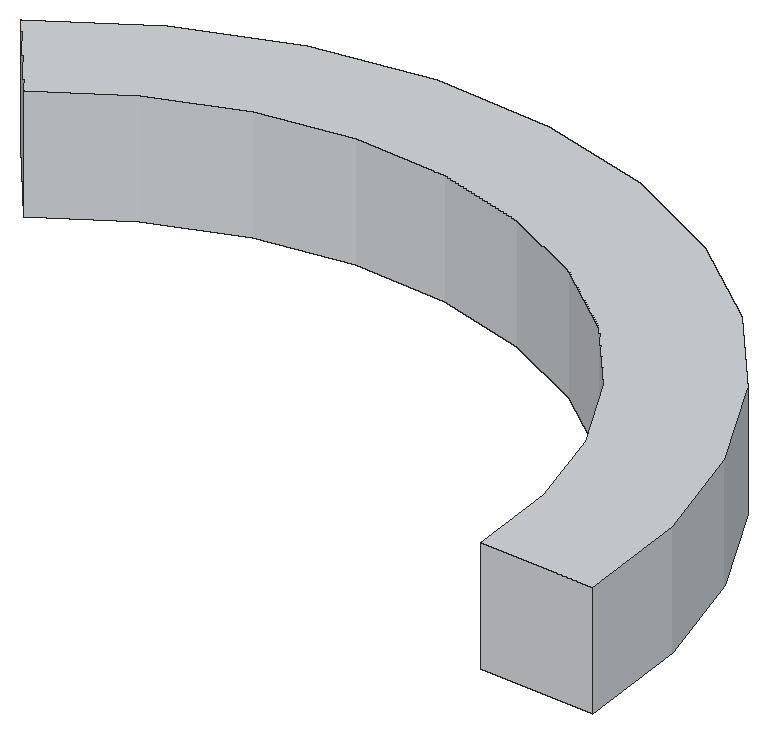
Revit family "DuctFitting_Rectangle_Elbow", category Duct Fittings, Revit 2023
Family settings
  Round Connector Dimension = Use Diameter
  Part Type = Elbow
  Work Plane-Based = No
  Always vertical = Yes
  Cut with Voids When Loaded = No
  Shared = No
Parameters
  円脈長さ [instance] = (pi() * (Radius) * (Angle)) / 180.00°  # 3516.838 mm
  Width [instance] = 350 mm
  Radius [instance] = 1550 mm
  Height [instance] = 350 mm
  Default Elevation = 0 mm
  Angle [instance] = 130.00°
Reference planes
  plane 1 "Center (Front/Back)": y = 0
  plane 2: z = 0
  plane 3 "Center (Left/Right)": x = 0
Forms (mm)
  Sweep 1, solid
    path in 3D
      loop
        arc (0, 0, 0) -> (-894.942, 1404.777, 0) -> (-2546.321, 1187.369, 0) r 1550
    profile "Duct Profile : Duct Profile" origin (-894.942, 1404.777, 0) x (-0.422618, -0.906308, 0) y (0, 0, 1)
      loop
        line (-175, 175) -> (-175, -175) -> (175, -175) -> (175, 175) -> (-175, 175)
Lines and regions (mm)
  model lines
    curve 1: arc (0, 0, 0) -> (-894.942, 1404.777, 0) -> (-2546.321, 1187.369, 0) r 1550
  sketch lines
    curve 2: arc (0, 0, 0) -> (-894.942, 1404.777, 0) -> (-2546.321, 1187.369, 0) r 1550
Dimensions and locks
  "Radius": radius of curve 1
  "Angle": angle curve 1 to curve 1
  aligned and locked: level to plane 2
  aligned and locked: plane 3 "Center (Left/Right)" to curve 1
Automatic sketch dimensions
  plane 1 "Center (Front/Back)" to curve 1 = 0 mm
Connectors
  hvac at (-2546.321, 1187.369, 0), driven by "Height", driven by "Width"
    settings: on Sweep 1, index 1, duct flow 0.0 L/s, flow factor 0, pres drop 0.0 Pa, loss coef 0, conn angle 0.00°, conn width 350 mm, conn height 350 mm, conn diameter 609.6 mm, duct sys type 1, conn prof type 1, flow config 0, flow direction 0, loss method 0, conn ref index -1, conn util no, is conn primary yes, conn desc ""
  hvac at (0, 0, 0), driven by "Height", driven by "Width"
    settings: on Sweep 1, index 2, duct flow 0.0 L/s, flow factor 0, pres drop 0.0 Pa, loss coef 0, conn angle 0.00°, conn width 350 mm, conn height 350 mm, conn diameter 609.6 mm, duct sys type 1, conn prof type 1, flow config 0, flow direction 0, loss method 0, conn ref index -1, conn util no, is conn primary no, conn desc ""
